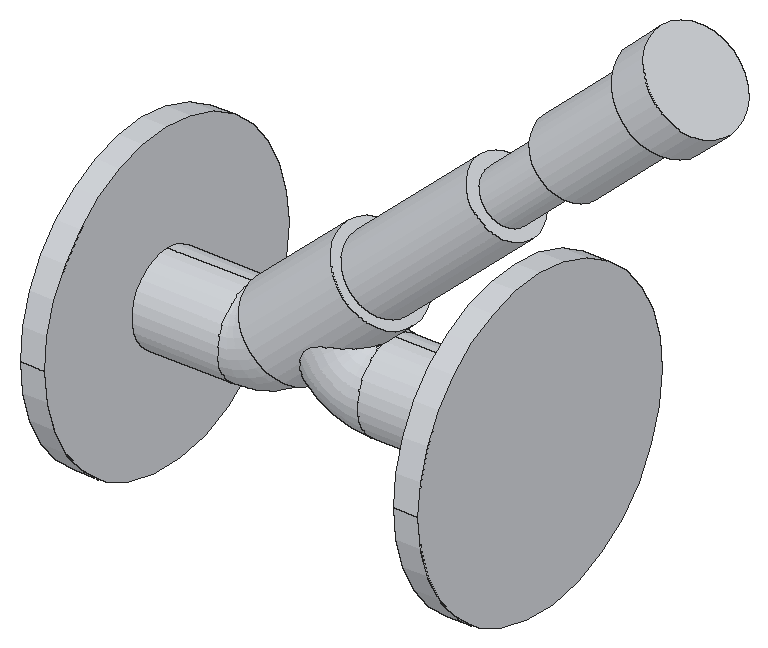
Revit family "1af2f2c53dd54a5296ac1770d96540ec", category Pipe Accessories, Revit 2021
Family settings
  Round Connector Dimension = Use Radius
  Part Type = Valve - Breaks Into
  OmniClass Number = 23.65.55.14.17
  OmniClass Title = Adjusting/Controlling Valves for Liquid Services
  Seek Item ID = Diaphragm Valve - Y Pattern - 1.5-20 Inch - Flanged-0000-USA-ENU
  Work Plane-Based = No
  Always vertical = Yes
  Cut with Voids When Loaded = No
  Shared = No
Parameters (values of type "1 1/2"")
  Valve Material = none
  Valve Length = 0' - 8 13/128"
  Radius 1 = Nominal Radius / 3  # 0' - 0 1/4"
  Outside Radius = Outside Diameter / 2  # 0' - 0.9"
  Outside Diameter = 1.2 * Nominal Diameter  # 0' - 1.8"
  K Coefficient = 1.88
  Default Elevation = 0' - 0"
  Body Radius 3 = 0' - 0 253/256"
  Body Radius 4 = 0.8 * Body Radius 3  # 0' - 0.79063"
  Body Radius 5 = 0.7 * Body Radius 4  # 0' - 0.55344"
  Body Radius 6 = 1.3 * Body Radius 4  # 0' - 1.02781"
  Height 1 = 0' - 8 1/2"
  Body Radius 2 = Body Radius 1  # 0' - 1 1/8"
  Body Radius 1 = Nominal Radius + Nominal Radius * 0.5  # 0' - 1 1/8"
  Open Height = 0' - 9 51/128"
  Nominal Radius = 3/4"
  Nominal Diameter = Nominal Radius * 2  # 1 1/2"
  Flange Thickness = 0' - 0 1/2"
  Flange Radius = 0' - 3 13/128"
  Body Length 7 = 0.1 * (((Height 1 - Body Radius 6 * cos(Angle 1) - Body Radius 1 * (1 - cos(Angle 1))) / sin(Angle 1)) - Body Length 3)  # 0' - 0.86297"
  Body Length 6 = 3 * Body Length 7  # 0' - 2.58891"
  Body Length 5 = 2 * Body Length 7  # 0' - 1.72594"
  Body Length 4 = 4 * Body Length 7  # 0' - 3.45188"
  Body Length 3 = 0' - 2 1/2"
  Body Length 2 = 0' - 2 1/2"
  Body Length 1 = 0' - 1 3/4"
  Angle 1 = 42.00°
  Angle 2 = 70.00°  # constant formula
Types (14): name | Valve Length | Radius 1 | Outside Radius | Outside Diameter | K Coefficient | Body Radius 3 | Body Radius 4 | Body Radius 5 | Body Radius 6 | Height 1 | Body Radius 2 | Body Radius 1 | Open Height | Nominal Radius | Nominal Diameter | Flange Thickness | Flange Radius | Body Length 7 | Body Length 6 | Body Length 5 | Body Length 4 | Body Length 3 | Body Length 2 | Body Length 1 | Angle 1
  (no name) | 0' - 8 13/128" | 0' - 0 1/4" | 0' - 0.9" | 0' - 1.8" | 1.88 | 0' - 0 253/256" | 0' - 0.79063" | 0' - 0.55344" | 0' - 1.02781" | 0' - 8 1/2" | 0' - 1 1/8" | 0' - 1 1/8" | 0' - 9 51/128" | 3/4" | 1 1/2" | 0' - 0 1/2" | 0' - 3 13/128" | 0' - 0.86297" | 0' - 2.58891" | 0' - 1.72594" | 0' - 3.45188" | 0' - 2 1/2" | 0' - 2 1/2" | 0' - 1 3/4" | 42.00°
  3" | 0' - 10 51/128" | 0' - 0 1/2" | 0' - 1.8" | 0' - 3.6" | 4.07 | 0' - 1 251/256" | 0' - 1.58438" | 0' - 1.10906" | 0' - 2.05969" | 0' - 10 153/256" | 0' - 2 1/4" | 0' - 2 1/4" | 1' - 0 51/128" | 1 1/2" | 3" | 0' - 0 1/2" | 0' - 4 13/128" | 0' - 0.79957" | 0' - 2.3987" | 0' - 1.59914" | 0' - 3.19827" | 0' - 4" | 0' - 2 1/2" | 0' - 1 1/2" | 45.00°
  4" | 1' - 1 51/256" | 0' - 0.66667" | 0' - 2.4" | 0' - 4.8" | 4.31 | 0' - 2 41/64" | 0' - 2.1125" | 0' - 1.47875" | 0' - 2.74625" | 1' - 0 1/2" | 0' - 3" | 0' - 3" | 1' - 2 115/128" | 2" | 4" | 0' - 0 1/2" | 0' - 5" | 0' - 0.84516" | 0' - 2.53548" | 0' - 1.69032" | 0' - 3.38064" | 0' - 5" | 0' - 3 1/16" | 0' - 2" | 46.00°
  6" | 1' - 5" | 0' - 1" | 0' - 3.6" | 0' - 7.2" | 4.1 | 0' - 3 123/128" | 0' - 3.16875" | 0' - 2.21813" | 0' - 4.11938" | 1' - 4 51/128" | 0' - 4 1/2" | 0' - 4 1/2" | 1' - 8" | 3" | 6" | 0' - 0 3/4" | 0' - 6 77/256" | 0' - 0.94083" | 0' - 2.8225" | 0' - 1.88167" | 0' - 3.76334" | 0' - 7 1/2" | 0' - 2 7/8" | 0' - 2" | 46.00°
  8" | 1' - 8 77/128" | 0' - 1.33333" | 0' - 4.8" | 0' - 9.6" | 4.12 | 0' - 5 9/32" | 0' - 4.225" | 0' - 2.9575" | 0' - 5.4925" | 1' - 6 115/128" | 0' - 6" | 0' - 6" | 1' - 11 179/256" | 4" | 8" | 0' - 0 3/4" | 0' - 7 1/2" | 0' - 0.85827" | 0' - 2.57482" | 0' - 1.71655" | 0' - 3.4331" | 0' - 10" | 0' - 3" | 0' - 2" | 45.50°
  10" | 2' - 1 13/128" | 0' - 1.66667" | 0' - 6" | 1' - 0" | 4.29 | 0' - 6 77/128" | 0' - 5 9/32" | 0' - 3.69688" | 0' - 6.86563" | 1' - 11 51/256" | 0' - 7 1/2" | 0' - 7 1/2" | 2' - 5 51/256" | 5" | 10" | 0' - 1" | 0' - 8 205/256" | 0' - 1.06593" | 0' - 3.1978" | 0' - 2.13187" | 0' - 4.26374" | 1' - 2" | 0' - 5" | 0' - 2" | 41.00°
  12" | 2' - 6" | 0' - 2" | 0' - 7.2" | 1' - 2.4" | 4.03 | 0' - 7 59/64" | 0' - 6.3375" | 0' - 4.43625" | 0' - 8.23875" | 2' - 2 77/128" | 0' - 9" | 0' - 9" | 2' - 9 205/256" | 6" | 12" | 0' - 1" | 0' - 10 77/256" | 0' - 0.96536" | 0' - 2.89609" | 0' - 1.93072" | 0' - 3.86145" | 1' - 4" | 0' - 3" | 0' - 3" | 45.00°
  14" | 2' - 6 51/256" | 0' - 2.33333" | 0' - 8.4" | 1' - 4.8" | 6.46 | 0' - 9 61/256" | 0' - 7 25/64" | 0' - 5.17344" | 0' - 9.60781" | 2' - 2 205/256" | 0' - 10 1/2" | 0' - 10 1/2" | 2' - 11 51/256" | 7" | 14" | 0' - 1" | 0' - 11 77/128" | 0' - 0.5945" | 0' - 1.78349" | 0' - 1.18899" | 0' - 2.37799" | 1' - 6" | 0' - 2" | 0' - 1 1/2" | 45.00°
  16" | 3' - 4 77/256" | 0' - 2.66667" | 0' - 9.6" | 1' - 7.2" | 4 | 0' - 10 143/256" | 0' - 8.44688" | 0' - 5.91281" | 0' - 10.98094" | 2' - 11" | 1' - 0" | 1' - 0" | 3' - 8 77/128" | 8" | 16" | 0' - 1" | 1' - 0 205/256" | 0' - 1.2546" | 0' - 3.76379" | 0' - 2.50919" | 0' - 5.01839" | 1' - 9" | 0' - 5" | 0' - 5" | 45.00°
  18" | 3' - 4 1/2" | 0' - 3" | 0' - 10.8" | 1' - 9.6" | 5.96 | 0' - 11 225/256" | 0' - 9.50313" | 0' - 6.65219" | 1' - 0.35406" | 2' - 11 25/256" | 1' - 1 1/2" | 1' - 1 1/2" | 3' - 9 115/128" | 9" | 18" | 0' - 1" | 1' - 2 13/128" | 0' - 0.76896" | 0' - 2.30689" | 0' - 1.53793" | 0' - 3.07585" | 2' - 0" | 0' - 3 1/2" | 0' - 3" | 45.00°
  20" | 3' - 8 179/256" | 0' - 3.33333" | 1' - 0" | 2' - 0" | 8.47 | 1' - 1 51/256" | 0' - 10.55937" | 0' - 7.39156" | 1' - 1.72719" | 2' - 11 13/128" | 1' - 3" | 1' - 3" | 3' - 11 13/128" | 10" | 20" | 0' - 1" | 1' - 3 77/256" | 0' - 0.46736" | 0' - 1.40208" | 0' - 0.93472" | 0' - 1.86944" | 2' - 0 1/2" | 0' - 3" | 0' - 4" | 46.00°
  2 1/2" | 0' - 8 179/256" | 0' - 0.41667" | 0' - 1 1/2" | 0' - 3" | 8.48 | 0' - 1 83/128" | 0' - 1.31875" | 0' - 0.92312" | 0' - 1.71437" | 0' - 8 77/128" | 0' - 1 7/8" | 0' - 1 7/8" | 0' - 10 13/128" | 1 1/4" | 2 1/2" | 0' - 0 1/2" | 0' - 3 179/256" | 0' - 0.65353" | 0' - 1.96058" | 0' - 1.30705" | 0' - 2.61411" | 0' - 3 1/2" | 0' - 2 51/256" | 0' - 1 51/256" | 43.00°
  2" | 0' - 8 77/256" | 0' - 0.33333" | 0' - 1.2" | 0' - 2.4" | 4.23 | 0' - 1 41/128" | 0' - 1.05625" | 0' - 0.73937" | 0' - 1.37312" | 0' - 8 103/256" | 0' - 1 1/2" | 0' - 1 1/2" | 0' - 9 77/128" | 1" | 2" | 0' - 0 1/2" | 0' - 3 77/256" | 0' - 0.72867" | 0' - 2.18601" | 0' - 1.45734" | 0' - 2.91468" | 0' - 2 77/128" | 0' - 2 15/128" | 0' - 1 77/128" | 45.00°
  1 1/2" | 0' - 8 13/128" | 0' - 0 1/4" | 0' - 0.9" | 0' - 1.8" | 1.88 | 0' - 0 253/256" | 0' - 0.79063" | 0' - 0.55344" | 0' - 1.02781" | 0' - 8 1/2" | 0' - 1 1/8" | 0' - 1 1/8" | 0' - 9 51/128" | 3/4" | 1 1/2" | 0' - 0 1/2" | 0' - 3 13/128" | 0' - 0.86297" | 0' - 2.58891" | 0' - 1.72594" | 0' - 3.45188" | 0' - 2 1/2" | 0' - 2 1/2" | 0' - 1 3/4" | 42.00°
Reference planes (in)
  plane 1 "Center (Front/Back)": y = 0
  plane 2: z = 0
  plane 3 "Center (Left/Right)": x = 0
  plane 4: x = -4.05078
  plane 5: x = 4.05078
  plane 6: x = -3.55078
  plane 7: x = 3.55078
  plane 8: x = -1.80078
  plane 9: x = 1.05078
  plane 10: z = 1.125
  plane 11: z = 8.5
  plane 12: z = 1.125
Forms (in)
  Sweep 1, solid, material <- "Valve Material", detail levels fine
    path in 3D
      loop
        line (-3.55078, 0, 0) -> (-1.80078, 0, 0)
        arc (-1.80078, 0, 0) -> (-1.39762, 0, 0.07472) -> (-1.04801, 0, 0.28896) r 1.125
    profile origin (-2.67578, 0, 0) x (0, 0, 1) y (0, -1, 0)
      loop
        circle (0, 0) r 0.9
  Sweep 2, solid, material <- "Valve Material", detail levels fine
    path in 3D
      loop
        line (3.55078, 0, 0) -> (1.05078, 0, 0)
        arc (1.05078, 0, 0) -> (0.40551, 0, 0.20345) -> (-0.00637, 0, 0.74023) r 1.125
    profile origin (2.30078, 0, 0) x (0, 0, -1) y (0, -1, 0)
      loop
        circle (0, 0) r 0.9
  Sweep 3, solid, material <- "Valve Material", detail levels fine
    path in 3D
      loop
        line (-1.04801, 0, 0.28896) -> (0.80985, 0, 1.96179)
    profile origin (-0.11908, 0, 1.12538) x (-0.669131, 0, 0.743145) y (0, -1, 0)
      loop
        circle (0, 0) r 0.98828
  Sweep 4, solid, material <- "Valve Material", detail levels fine
    path in 3D
      loop
        line (0.80985, 0, 1.96179) -> (3.3751, 0, 4.27155)
    profile origin (2.09248, 0, 3.11667) x (-0.669131, 0, 0.743145) y (0, -1, 0)
      loop
        circle (0, 0) r 0.79063
  Sweep 5, solid, material <- "Valve Material", detail levels fine
    path in 3D
      loop
        line (4.65772, 0, 5.42643) -> (6.58166, 0, 7.15875)
    profile origin (5.61969, 0, 6.29259) x (-0.669131, 0, 0.743145) y (0, -1, 0)
      loop
        circle (0, 0) r 0.79063
  Sweep 6, solid, material <- "Valve Material", detail levels fine
    path in 3D
      loop
        line (3.3751, 0, 4.27155) -> (4.65772, 0, 5.42643)
    profile origin (4.01641, 0, 4.84899) x (-0.669131, 0, 0.743145) y (0, -1, 0)
      loop
        circle (0, 0) r 0.55344
  Sweep 7, solid, material <- "Valve Material", detail levels fine
    path in 3D
      loop
        line (6.58166, 0, 7.15875) -> (7.22297, 0, 7.73619)
    profile origin (6.90232, 0, 7.44747) x (-0.669131, 0, 0.743145) y (0, -1, 0)
      loop
        circle (0, 0) r 1.02781
  Extrusion 8, solid, material <- "Valve Material", detail levels fine
    sketch origin (0, 0, 0) x (0, 1, 0) y (0, 0, 1)
      loop
        circle (0, 0) r 3.10156
    from 3.55078 to 4.05078
  Extrusion 9, solid, material <- "Valve Material", detail levels fine
    sketch origin (0, 0, 0) x (0, 1, 0) y (0, 0, 1)
      loop
        circle (0, 0) r 3.10156
    from -4.05078 to -3.55078
Cuts and joins
  joined: Sweep 3, Sweep 4, Sweep 5, Sweep 6, Sweep 7
  joined: Sweep 1, Extrusion 9
  joined: Sweep 2, Extrusion 8
Lines and regions (in)
  reference lines
    curve 1: line (-3.55078, 0, 0) -> (-1.80078, 0, 0)
    curve 2: arc (-1.80078, 0, 0) -> (-1.39762, 0, 0.07472) -> (-1.04801, 0, 0.28896) r 1.125
    curve 3: line (-1.04801, 0, 0.28896) -> (0.80985, 0, 1.96179)
    curve 4: line (0.80985, 0, 1.96179) -> (3.3751, 0, 4.27155)
    curve 5: line (3.3751, 0, 4.27155) -> (4.65772, 0, 5.42643)
    curve 6: line (4.65772, 0, 5.42643) -> (6.58166, 0, 7.15875)
    curve 7: line (6.58166, 0, 7.15875) -> (7.22297, 0, 7.73619)
    curve 8: line (3.55078, 0, 0) -> (1.05078, 0, 0)
    curve 9: arc (1.05078, 0, 0) -> (0.40551, 0, 0.20345) -> (-0.00637, 0, 0.74023) r 1.125
  sketch lines
    curve 10: line (-3.55078, 0, 0) -> (-1.80078, 0, 0)
    curve 11: arc (-1.80078, 0, 0) -> (-1.39762, 0, 0.07472) -> (-1.04801, 0, 0.28896) r 1.125
    curve 12: line (3.55078, 0, 0) -> (1.05078, 0, 0)
    curve 13: arc (1.05078, 0, 0) -> (0.40551, 0, 0.20345) -> (-0.00637, 0, 0.74023) r 1.125
    curve 14: line (-1.04801, 0, 0.28896) -> (0.80985, 0, 1.96179)
    curve 15: line (0.80985, 0, 1.96179) -> (3.3751, 0, 4.27155)
    curve 16: line (4.65772, 0, 5.42643) -> (6.58166, 0, 7.15875)
    curve 17: line (3.3751, 0, 4.27155) -> (4.65772, 0, 5.42643)
    curve 18: line (6.58166, 0, 7.15875) -> (7.22297, 0, 7.73619)
  model lines, detail levels coarse+medium
    curve 19: line (-4.05078, -2.33872, 0) -> (-4.05078, 2.33872, 0)
    curve 20: line (4.05078, -2.33872, 0) -> (4.05078, 2.33872, 0)
    curve 21: line (-4.05078, -2.33872, 0) -> (0, 0, 0)
    curve 22: line (0, 0, 0) -> (4.05078, -2.33872, 0)
    curve 23: line (-4.05078, 2.33872, 0) -> (0, 0, 0)
    curve 24: line (0, 0, 0) -> (4.05078, 2.33872, 0)
    curve 25: line (4.05078, 0, 0) -> (7.15234, 0, 0)
    curve 26: line (-4.05078, 0, 0) -> (-7.15234, 0, 0)
    curve 27: line (0, 0, 0) -> (0, 3.10156, 0)
    curve 28: line (0.75, 3.10156, 0) -> (-0.75, 3.10156, 0)
    curve 29: arc (0.75, 3.10156, 0) -> (0.39528, 3.28742, 0) -> (0, 3.35156, 0) r 1.25
    curve 30: arc (-0.75, 3.10156, 0) -> (-0.39528, 3.28742, 0) -> (0, 3.35156, 0) r 1.25
Dimensions and locks (in)
  equal spacing: plane 5, plane 3 "Center (Left/Right)", plane 4
  "Valve Length": plane 5 to plane 4
  "Flange Thickness": plane 6 to plane 4
  "Flange Thickness": plane 7 to plane 5
  "Body Length 1": plane 8 to plane 6
  "Body Length 2": plane 9 to plane 7
  "Body Radius 1": plane 10 to plane 2
  "Height 1": plane 11 to plane 2
  "Body Radius 2": plane 12 to plane 2
  "Body Length 3": curve 3 to curve 3
  "Body Length 4": curve 4 to curve 4
  "Body Length 5": curve 5 to curve 5
  "Body Length 6": curve 6 to curve 6
  "Body Length 7": curve 7 to curve 7
  "Flange Radius": curve 26 to plane 4
  "Flange Radius": plane 5 to curve 25
  equal spacing: curve 28, plane 3 "Center (Left/Right)", curve 28
  "Nominal Radius": curve 28 to plane 3 "Center (Left/Right)"
  "Flange Radius": curve 28 to plane 1 "Center (Front/Back)"
  "Radius 1": curve 29 to curve 28
  "Outside Radius": radius of Sweep 1 sketch curve
  "Outside Radius": radius of Sweep 2 sketch curve
  "Body Radius 3": radius of Sweep 3 sketch curve
  "Body Radius 4": radius of Sweep 4 sketch curve
  "Body Radius 4": radius of Sweep 5 sketch curve
  "Body Radius 5": radius of Sweep 6 sketch curve
  "Body Radius 6": radius of Sweep 7 sketch curve
  "Flange Radius": radius of Extrusion 8 sketch curve
  "Flange Radius": radius of Extrusion 9 sketch curve
  "Body Radius 2": radius of curve 2
  "Body Radius 2": radius of curve 9
  "Angle 1": angle curve 2 to curve 2
  "Angle 1": angle plane 2 to curve 3
  "Angle 1": angle plane 2 to curve 4
  "Angle 1": angle plane 2 to curve 5
  "Angle 1": angle plane 2 to curve 6
  "Angle 1": angle plane 2 to curve 7
  "Angle 2": angle curve 9 to curve 9
  locked: curve 22 to plane 1 "Center (Front/Back)" (angle 30.00°)
  locked: plane 1 "Center (Front/Back)" to curve 21 (angle 30.00°)
  locked: plane 1 "Center (Front/Back)" to curve 24 (angle 30.00°)
  locked: curve 23 to plane 1 "Center (Front/Back)" (angle 30.00°)
  aligned and locked: plane 6 to curve 1
  aligned and locked: curve 1 to level
  aligned and locked: plane 8 to curve 2
  aligned and locked: plane 10 to curve 2
  aligned and locked: plane 7 to curve 8
  aligned and locked: level to curve 8
  aligned and locked: plane 9 to curve 9
  aligned and locked: plane 12 to curve 9
  aligned and locked: plane 1 "Center (Front/Back)" to Extrusion 8 sketch curve
  aligned and locked: plane 2 to Extrusion 8 sketch curve
  aligned and locked: plane 1 "Center (Front/Back)" to Extrusion 9 sketch curve
  aligned and locked: plane 2 to Extrusion 9 sketch curve
  aligned and locked: Extrusion 9 to plane 4
  aligned and locked: plane 6 to Extrusion 9
  aligned and locked: Extrusion 8 to plane 5
  aligned and locked: plane 7 to Extrusion 8
  aligned and locked: plane 4 to curve 19
  aligned and locked: curve 20 to plane 5
  aligned and locked: plane 1 "Center (Front/Back)" to curve 25
  aligned and locked: curve 26 to plane 1 "Center (Front/Back)"
  aligned and locked: plane 3 "Center (Left/Right)" to curve 27
  aligned and locked: curve 28 to curve 27
  aligned and locked: plane 1 "Center (Front/Back)" to curve 22
  aligned and locked: plane 3 "Center (Left/Right)" to curve 29
  aligned and locked: plane 3 "Center (Left/Right)" to curve 30
Automatic sketch dimensions
  Sweep 1 sketch curve to profile plane = 0' - 0"  (x2)
  Sweep 2 sketch curve to profile plane = 0' - 0"  (x2)
  Sweep 3 sketch curve to profile plane = 0' - 0"  (x2)
  Sweep 4 sketch curve to profile plane = 0' - 0"  (x2)
  Sweep 5 sketch curve to profile plane = 0' - 0"  (x2)
  Sweep 6 sketch curve to profile plane = 0' - 0"  (x2)
  Sweep 7 sketch curve to profile plane = 0' - 0"  (x2)
Connectors (in)
  piping at (-4.05078, 0, 0), diameter 1.5, driven by "Nominal Radius"
    settings: on cut or joined group of Sweep 1, Extrusion 9, index 1, connector inside diameter 1 1/2", connector length 0' - 0", flow factor 0, pipe flow 0 GPM, pressure drop 0.00 psi, fitting loss kfactor 0, connector angle 0.00°, fixture units 0, engagement length 0' - 0", angle of deflection 0.00°, flow configuration 0, flow direction 0, fitting loss method 2, system type 29, joint type 0, gender type 0, connector reference index 2, connector utility 0, adjustable connector no, is connector primary yes, connector description ""
  piping at (4.05078, 0, 0), diameter 1.5, driven by "Nominal Radius", driven by "K Coefficient"
    settings: on cut or joined group of Sweep 2, Extrusion 8, index 2, connector inside diameter 1 1/2", connector length 0' - 0", flow factor 0, pipe flow 0 GPM, pressure drop 0.00 psi, fitting loss kfactor 1.88, connector angle 0.00°, fixture units 0, engagement length 0' - 0", angle of deflection 0.00°, flow configuration 0, flow direction 0, fitting loss method 2, system type 29, joint type 0, gender type 0, connector reference index 1, connector utility 0, adjustable connector no, is connector primary no, connector description ""
